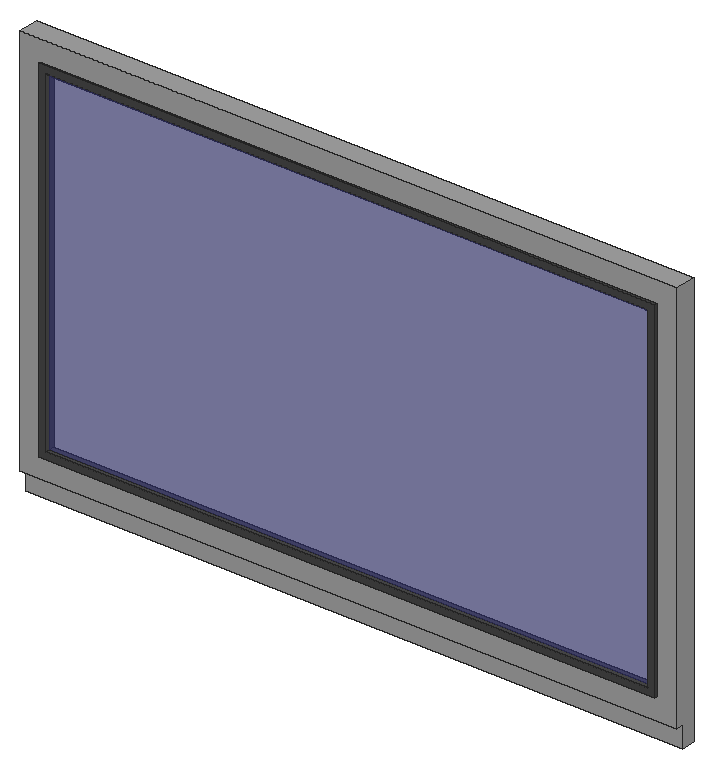
Revit family
Parameters (values of type "50"")
  Keynote = "N"
  Material Cabinet = Plastic - Gray
  Assembly Code = "E2020200"
  Depth = 88.9 mm
  Height = 762 mm
  Width = 1206.5 mm
Types (3, lengths in mm): name | Height | Width
  (no name) | 762 | 1206.5
  42" | 660.4 | 1028.7
  50" | 762 | 1206.5
Reference planes
  plane 1 "Center (Front/Back)": y = 0
  plane 2: z = 0
  plane 3 "Center (Left/Right)": x = 57.15
  plane 4: z = 762
  plane 5 "Left": x = -546.1
  plane 6 "Right": x = 660.4
  plane 7: y = -88.9
  plane 8: y = -76.2
  plane 9: z = 38.1
  plane 10: y = -50.8
  plane 11: z = 673.1
  plane 12: z = 609.6
  plane 13: x = -495.3
  plane 14: x = 609.6
Forms (mm)
  Extrusion 1, solid, material "Plastic - Gray" <- "Material Cabinet"
    sketch origin (0, 0, 0) x (1, 0, 0) y (0, 1, 0)
      loop
        line (-546.1, -50.8) -> (-546.1, -88.9) -> (660.4, -88.9) -> (660.4, -50.8) -> (-546.1, -50.8)
    from 0 to 762
  Extrusion 2, void
    sketch origin (-546.1, -88.9, 762) x (0, 0, 1) y (1, 0, 0)
      loop
        line (-38.1, 38.1) -> (-38.1, 1168.4) -> (-685.8, 1168.4) -> (-685.8, 38.1) -> (-38.1, 38.1)
    from 0 to 14.728
  Extrusion 3, solid, material "Glass"
    sketch origin (-546.1, -88.9, 762) x (0, 0, -1) y (1, 0, 0)
      loop
        line (50.8, 50.8) -> (673.1, 50.8) -> (673.1, 1155.7) -> (50.8, 1155.7) -> (50.8, 50.8)
    from -14.728 to 0
  Extrusion 4, void
    sketch origin (-546.1, -50.8, 762) x (0, 0, 1) y (0, -1, 0)
      loop
        line (-723.9, 25.4) -> (-723.9, 38.1) -> (-762, 38.1) -> (-762, 25.4) -> (-723.9, 25.4)
    from 0 to 1206.5
  Extrusion 5, solid
    sketch origin (-546.1, -50.8, 762) x (0, 0, -1) y (0, -1, 0)
      loop
        line (50.8, 0) -> (85.531, -50.8) -> (723.9, -50.8) -> (723.9, 0) -> (50.8, 0)
    from -1155.7 to -50.8
  Sweep 6, solid, material "Plastic - Black"
    path in 3D
      loop
        line (622.3, -88.9, 76.2) -> (622.3, -88.9, 723.106) -> (-508, -88.9, 723.106) -> (-508, -88.9, 76.2) -> (622.3, -88.9, 76.2)
    profile origin (57.15, -88.9, 76.2) x (0, 0, 1) y (0, -1, 0)
      loop
        line (0, -14.728) -> (12.7, -14.728) -> (12.7, 0) -> (15.875, 0) -> (12.7, 3.175) -> (0, 3.175) -> (0, -14.728)
Cuts and joins
  Extrusion 2, Extrusion 4 cuts Extrusion 1
  Extrusion 4 cuts Extrusion 3
Lines and regions (mm)
  model lines
    curve 1: line (-508, -88.9, 76.2) -> (622.3, -88.9, 76.2)
    curve 2: line (-508, -88.9, 723.106) -> (-508, -88.9, 76.2)
    curve 3: line (622.3, -88.9, 723.106) -> (-508, -88.9, 723.106)
    curve 4: line (622.3, -88.9, 76.2) -> (622.3, -88.9, 723.106)
  sketch lines
    curve 5: line (-508, -88.9, 76.2) -> (622.3, -88.9, 76.2)
    curve 6: line (622.3, -88.9, 76.2) -> (622.3, -88.9, 723.106)
    curve 7: line (622.3, -88.9, 723.106) -> (-508, -88.9, 723.106)
    curve 8: line (-508, -88.9, 723.106) -> (-508, -88.9, 76.2)
Dimensions and locks
  "Height": plane 4 to plane 2
  "Width": plane 5 "Left" to plane 6 "Right"
  equal spacing: plane 5 "Left", plane 3 "Center (Left/Right)", plane 6 "Right"
  "Depth": plane 1 "Center (Front/Back)" to plane 7
  locked: plane 8 to plane 7 at 12.7
  plane 9 to cut or joined group of Extrusion 1, Extrusion 2, Extrusion 4 = 38.1 mm
  plane 10 to plane 7 = 38.1 mm
  locked: plane 11 to plane 4 at 88.9
  locked: plane 5 "Left" to plane 13 at 50.8
  locked: plane 14 to plane 6 "Right" at 50.8
  locked: Extrusion 2 sketch curve to plane 5 "Left" at 38.1
  locked: Extrusion 2 sketch curve to plane 6 "Right" at 38.1
  locked: Extrusion 2 sketch curve to plane 9 at 38.1
  locked: plane 4 to Extrusion 2 sketch curve at 38.1
  locked: plane 4 to Extrusion 3 sketch curve at 50.8
  locked: Extrusion 3 sketch curve to plane 9 at 50.8
  plane 7 to Sweep 6 sketch curve = 3.175 mm
  aligned and locked: Extrusion 1 to plane 4
  aligned and locked: Extrusion 2 sketch curve to curve 2
  aligned and locked: Extrusion 1 to plane 7
  aligned and locked: Extrusion 1 sketch curve to plane 5 "Left"
  aligned and locked: plane 6 "Right" to Extrusion 1 sketch curve
  aligned and locked: plane 8 to Extrusion 4 sketch curve
  aligned and locked: plane 9 to Extrusion 4 sketch curve
  aligned and locked: Extrusion 4 sketch curve to cut or joined group of Extrusion 1, Extrusion 2, Extrusion 4
  aligned and locked: cut or joined group of Extrusion 1, Extrusion 2, Extrusion 4 to Extrusion 4 sketch curve
  aligned and locked: Extrusion 1 to plane 10
  aligned and locked: Extrusion 5 sketch curve to plane 10
  aligned and locked: Extrusion 5 sketch curve to plane 1 "Center (Front/Back)"
  aligned and locked: Extrusion 5 sketch curve to plane 9
  aligned and locked: cut or joined group of Extrusion 3, Extrusion 4 to Extrusion 5
  aligned and locked: Extrusion 5 to cut or joined group of Extrusion 3, Extrusion 4
  aligned and locked: Extrusion 3 sketch curve to plane 13
  aligned and locked: plane 14 to Extrusion 3 sketch curve
  aligned and locked: cut or joined group of Extrusion 1, Extrusion 2, Extrusion 4 to plane 6 "Right"
  aligned and locked: Extrusion 1 to Extrusion 4
  aligned and locked: Sweep 6 sketch curve to profile plane
  aligned and locked: Sweep 6 sketch curve to cut or joined group of Extrusion 1, Extrusion 2, Extrusion 4
Automatic sketch dimensions
  curve 1 to Extrusion 1 = 38.1 mm
  Extrusion 1 to curve 3 = 38.1 mm
  Extrusion 1 to curve 2 = 76.2 mm
  Extrusion 1 to curve 4 = 38.894 mm
  Extrusion 1 sketch curve to plane 7 = 0 mm
  plane 1 "Center (Front/Back)" to Extrusion 1 sketch curve = 50.8 mm
  Extrusion 1 to Extrusion 5 sketch curve = 50.8 mm
  Extrusion 5 sketch curve to Extrusion 5 sketch curve = 34.731 mm
  Sweep 6 sketch curve to profile plane = 12.7 mm
  Sweep 6 sketch curve to Sweep 6 sketch curve = 0 mm
  Sweep 6 sketch curve to Sweep 6 sketch curve = 3.175 mm
  Sweep 6 sketch curve to profile plane = 0 mm
